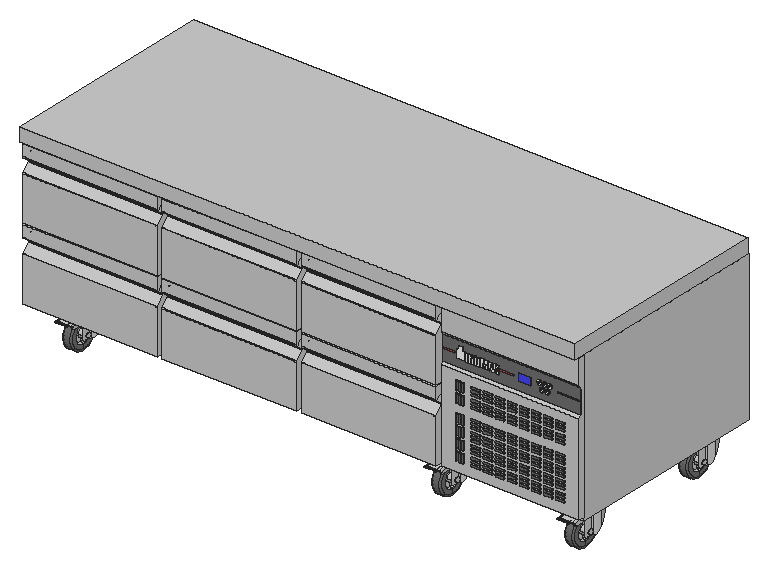
Revit family "QF_INOMAK_PWDP777_250528090058", category Specialty Equipment, Revit 2021 (continued)
Definition of nested family "QF_INOMAK_REF_COUNTERS_CASTORS_36785"
  Definition of nested family "QF_INOMAK_CASTOR"
    Forms (mm)
      Revolve 7, solid
        sketch origin (-55, -37.5, -3.552) x (1, 0, 0) y (0, 0, 1)
          loop
            arc (65, 22.052) -> (61.464, 23.516) -> (60, 27.052) r 5
            line (60, 27.052) -> (60, 53.526) -> (50, 53.526) -> (50, 27.052)
            arc (50, 27.052) -> (48.536, 23.516) -> (45, 22.052) r 5
            line (45, 22.052) -> (65, 22.052)
          axis (45, 53.526) -> (65, 53.526)
        angle from 0 to 360
      Extrusion 8, solid
        sketch origin (21.466, 171.5, -31.526) x (0, 1, 0) y (0, 0, -1)
          loop
            line (-200.5, -68.026) -> (-216.5, -68.026)
            arc (-216.5, -68.026) -> (-222.157, -70.369) -> (-224.5, -76.026) r 8
            line (-224.5, -76.026) -> (-224.5, -139.026) -> (-200.5, -139.026) -> (-200.5, -68.026)
        from -3.534 to -1.534
      Extrusion 9, solid
        sketch origin (250, -359.196, -27.974) x (1, 0, 0) y (0, 1, 0)
          loop
            line (-275, 330.196) -> (-273, 330.196)
            arc (-273, 330.196) -> (-273.274, 332.754) -> (-274.083, 335.196) r 12.082
            line (-274.083, 335.196) -> (-276.833, 335.196)
            arc (-276.833, 335.196) -> (-275.473, 332.858) -> (-275, 330.196) r 7.737
        from 64.474 to 135.474
      Extrusion 10, solid
        sketch origin (-250, -359.196, -27.974) x (-1, 0, 0) y (0, -1, 0)
          loop
            arc (-275, -330.196) -> (-275.473, -332.858) -> (-276.833, -335.196) r 7.737
            line (-276.833, -335.196) -> (-274.083, -335.196)
            arc (-274.083, -335.196) -> (-273.274, -332.754) -> (-273, -330.196) r 12.082
            line (-273, -330.196) -> (-275, -330.196)
        from 64.474 to 135.474
      Sweep 11, solid
        path origin (0, -359.196, -27.974) x (0, 1, 0) y (0, 0, 1)
          loop
            line (338.196, 135.474) -> (306.196, 135.474)
        profile origin (0, -37, 107.5) x (0, 0, -1) y (1, 0, 0)
          loop
            arc (-4, -21) -> (-2.828, -23.828) -> (0, -25) r 4
            line (0, -25) -> (0, -23)
            arc (0, -23) -> (-1.414, -22.414) -> (-2, -21) r 2
            line (-2, -21) -> (-2, 21)
            arc (-2, 21) -> (-1.414, 22.414) -> (0, 23) r 2
            line (0, 23) -> (0, 25)
            arc (0, 25) -> (-2.828, 23.828) -> (-4, 21) r 4
            line (-4, 21) -> (-4, -21)
      Extrusion 12, solid
        sketch origin (-31, -958.08, 50) x (0, 1, 0) y (0, 0, 1)
          loop
            line (924.33, -6.495) -> (928.08, 0) -> (924.33, 6.495) -> (916.83, 6.495) -> (913.08, 0) -> (916.83, -6.495) -> (924.33, -6.495)
        from 0 to 62
    Cuts and joins
      Extrusion 3 cuts Extrusion 2
      Extrusion 3 cuts Extrusion 9
      Extrusion 3 cuts Extrusion 10
    Dimensions and locks
      aligned and locked: level to plane 2
Definition of nested family "CONN_POINT_ELE_2D___Generic_Annotation"
  Parameters (values of type "CONN_POINT_ELE_2D___Generic_Annotation")
    Onboard connection annotation symbol visibility [instance] = yes
  Reference planes
    plane 1: y = 0
    plane 2: x = 0
  Lines and regions (mm)
    detail lines, visible <- "Onboard connection annotation symbol visibility"
      curve 1: circle (0, 0, 0) r 0.5 normal (0, 0, 1)
      curve 2: line (-1, 0, 0) -> (1, 0, 0)
      curve 3: line (0, 1, 0) -> (0, -1, 0)
      curve 4: line (2.5, 1, 0) -> (1.25, 1, 0)
      curve 5: line (1.25, 1, 0) -> (1.25, -1, 0)
      curve 6: line (1.25, -1, 0) -> (2.5, -1, 0)
      curve 7: line (1.25, 0, 0) -> (2, 0, 0)
